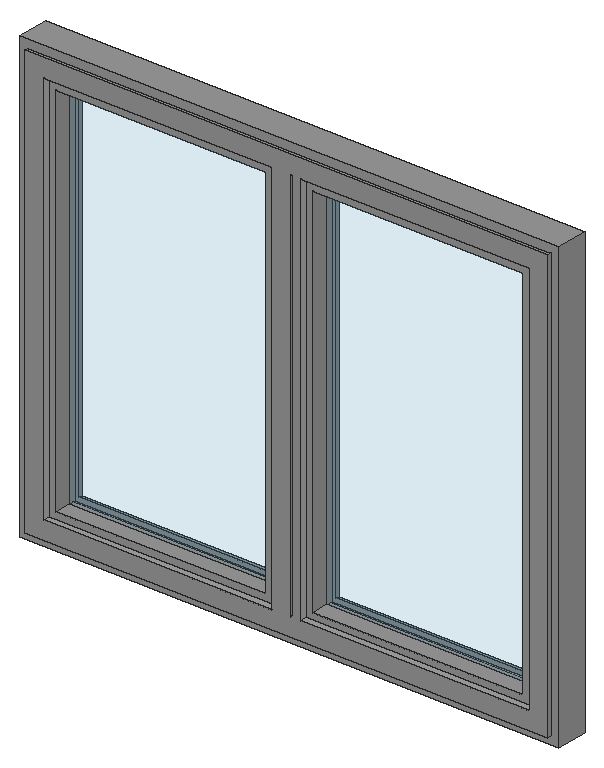
Revit family "Kawneer_Window_GT70s_Pos005", category Windows, host Wall, Revit 2020
Family settings
  Host = Wall
  OmniClass Number = 23.30.20.00
  OmniClass Title = Windows
  Always vertical = Yes
  Cut with Voids When Loaded = No
  Shared = No
  Room Calculation Point = No
Parameters (values of type "1200mm(w)x1000mm(h)")
  _ObjectUserGuide = "www.bimstore.co.uk"
  _DistributedBy = "www.bimstore.co.uk"
  _CurrentRevision = 1
  _CreatedBy = "https://www.bimstore.co/"
  _BimSpecGuid = 0
  _BSBibleVersion = 16
  _AuthorizedBy = "bimstore"
  _Author = "BS"
  WarrantyStartDate [instance] = "Please record on commissioning."
  WarrantyGuarantorParts = "kuk.kawneer@arconic.com"
  WarrantyGuarantorLabor = "kuk.kawneer@arconic.com"
  WarrantyDurationUnit = "Years"
  WarrantyDurationParts = "n/a"
  WarrantyDurationLabor = "n/a"
  WarrantyDescription = "Kawneer Lifetime Guarantee"
  WallThickness [instance] = 300 mm
  URL = "https://www.kawneer.com"
  TypeName = Model  # "GT70s - Pos 005"
  Type Comments = "1200mm(w)x1000mm(h)"
  TopPanel = 600 mm
  SpareParts = "n/a"
  Size = Type Comments  # "1200mm(w)x1000mm(h)"
  Shape = "Rectangle"
  SerialNumber [instance] = "Please record on commissioning."
  Rough Width = Width  # 1200 mm
  Rough Height = Height  # 1000 mm
  ReplacementCost = "n/a"
  ReferencedStandard = "n/a"
  ProductionYear = "2022"
  OffsetOutward [instance] = if(ExternalRevealDepth > 0 mm, 0 mm, 0 mm - ExternalRevealDepth)  # 0 mm
  OffsetInward [instance] = if(OffsetOutward = 0 mm, ExternalRevealDepth, 0 mm)  # 30 mm
  NominalLength = Width  # 1200 mm
  NominalHeight = Height  # 1000 mm
  NominalDepth = FrameDepth  # 72 mm
  NBSReference = "45-25-99/310"
  NBSOfficeMasterTag = "n/a"
  NBSObjectName = "Kawneer - Aluminium window units"
  NBSNote = "n/a"
  NBSDescription = "Aluminium window units"
  ModelReference = Type Comments  # "1200mm(w)x1000mm(h)"
  ModelNumber = Model  # "GT70s - Pos 005"
  Model = "GT70s - Pos 005"
  Material = "Aluminium"
  ManufacturerName = "Kawneer UK Limited"
  Manufacturer = "Kawneer UK Limited"
  Keynote = "L10/330"
  JambTolerance = 0 mm
  IronmongeryMaterial [instance] = Aluminum
  InternalRevealThickness = 5 mm
  InternalRevealDepth [instance] = WallThickness - ExternalRevealDepth - FrameDepth  # 198 mm
  InstallationDate [instance] = "Please record on commissioning."
  IfcExportType = "IfcWindowTypeEnum.WINDOW"
  IfcExportAs = "IfcWindow"
  Height = 1000 mm
  HeadTolerance = 0 mm
  HasCill [instance] = no
  Grade = "n/a"
  GlazingThickness = 28 mm  # constant formula
  GlazingMaterial [instance] = Kawneer Glass
  GlassThickness = 6 mm  # constant formula
  GlassOffset_EXT = 7 mm  # constant formula
  FrameWidth = 79 mm  # constant formula
  FrameMaterial [instance] = Aluminum
  Finish = "PPC"
  Features = "n/a"
  ExternalRevealDepth [instance] = 30 mm
  ExpectedLife = 0
  DurationUnit = "Years"
  DocumentationTechnical = "n/a"
  DocumentationMaintenance = "n/a"
  DocumentationLiterature = "https://www.kawneer.com"
  DocumentationInstallationGuide = "n/a"
  DocumentationCertificates = "n/a"
  Description = "Window"
  FrameDepth = 72 mm  # constant formula
  Default Cill Height = 800 mm
  Wall Closure = By host
  Width = 1200 mm
  CreatedOn = "12-09.2022 T09:00:00"
  CreatedBy = "kuk.kawneer@arconic.com"
  Constituents = "n/a"
  Color = "n/a"
  CodePerformance = "n/a"
  ClassificationValue = "Pr_30_59_98_02"
  ClassificationName = "Uniclass2015"
  CillHeight [instance] = if(HasCill, 30 mm, 0 mm)  # 0 mm
  BottomPanel = 600 mm
  BarCode [instance] = "Please record on commissioning."
  BIMObjectName = "Kawneer_Window_GT70s_Pos005"
  AssetType = "Fixed"
  AssetIdentifier [instance] = "n/a"
  Assembly Code = "B2020100"
  AccessibilityPerformance = "n/a"
Reference planes
  plane 1 "Center (Front/Back)": y = 0
  plane 2 "Center (Left/Right)": x = 0
  plane 3 "Left": x = -600
  plane 4 "Right": x = 600
  plane 5 "Sill": z = 800
  plane 6 "Head": z = 1800
  plane 7 "Exterior": y = 150
  plane 8 "Interior": y = -150
  plane 9 "Front": y = 120
  plane 10 "Frame Rear": y = 48
  plane 11 "Base": z = 800
  plane 12 "Offset Inward": y = 120
  plane 13: x = -595
  plane 14: x = 595
  plane 15 "7": z = 1795
  plane 16 "Int Wrap": y = 48
  plane 17 "CL": z = 1300
  plane 18 "JAMB TOL A": x = -600
  plane 19 "JAMB TOL B": x = 600
  plane 20 "HEAD TOL": z = 1800
  plane 21 "HEAD TOL E": z = 1721
  plane 22 "HEAD TOL F": z = 879
  plane 23 "Handle Int": y = 48
Forms (mm)
  Extrusion 1, void
    sketch origin (0, 0, 0) x (1, 0, 0) y (0, 1, 0)
      loop
        line (-595, 48) -> (-595, -150) -> (595, -150) -> (595, 48) -> (-595, 48)
    from 800 to 1795
  Extrusion 2, void
    sketch origin (0, 0, 0) x (1, 0, 0) y (0, 1, 0)
      loop
        line (-600, 150) -> (-600, 48) -> (600, 48) -> (600, 150) -> (-600, 150)
    from 800 to 1800
Lines and regions (mm)
  Masking region 1
    outline origin (-600, 0, 0) x (0, -1, 0) y (0, 0, 1)
      loop
        line (150, 1800) -> (-48, 1800) -> (-48, 1795) -> (150, 1795) -> (150, 1800)
Text (mm)
  text "EXTERIOR" at (-1963.203, 1332.353, 0), in view "Ref. Level"
  text "INTERIOR" at (-1981.466, -818.386, 0), in view "Ref. Level"
  text "Exterior" at (0, 923.751, 2943.296), in view "Right"
  text "Exterior" at (0, 1040.484, 2685.409), in view "Left"
Dimensions and locks
  equal spacing: plane 3 "Left", plane 2 "Center (Left/Right)", plane 4 "Right"
  "Width": plane 3 "Left" to plane 4 "Right"
  "Height": plane 5 "Sill" to plane 6 "Head"
  "Default Cill Height": plane 5 "Sill" to level
  locked: plane 7 "Exterior" to host wall
  locked: plane 8 "Interior" to host wall
  "FrameDepth": plane 9 "Front" to plane 10 "Frame Rear"
  "OffsetInward": plane 12 "Offset Inward" to plane 7 "Exterior"
  "OffsetOutward": plane 9 "Front" to plane 12 "Offset Inward"
  "InternalRevealThickness": plane 3 "Left" to plane 13
  "InternalRevealThickness": plane 14 to plane 4 "Right"
  "InternalRevealThickness": plane 6 "Head" to plane 15 "7"
  "InternalRevealDepth": plane 8 "Interior" to plane 16 "Int Wrap"
  "WallThickness": host wall to host wall
  equal spacing: plane 5 "Sill", plane 17 "CL", plane 6 "Head"
  "JambTolerance": plane 19 "JAMB TOL B" to plane 4 "Right"
  "JambTolerance": plane 3 "Left" to plane 18 "JAMB TOL A"
  "HeadTolerance": plane 20 "HEAD TOL" to plane 6 "Head"
  "FrameWidth": plane 21 "HEAD TOL E" to plane 20 "HEAD TOL"
  "FrameWidth": plane 11 "Base" to plane 22 "HEAD TOL F"
  "CillHeight": plane 5 "Sill" to plane 11 "Base"
  locked: plane 9 "Front" to plane 23 "Handle Int" at 72
  aligned and locked: Extrusion 1 sketch curve to plane 16 "Int Wrap"
  aligned and locked: Extrusion 1 sketch curve to plane 13
  aligned and locked: Extrusion 1 sketch curve to plane 14
  aligned and locked: Extrusion 1 sketch curve to plane 8 "Interior"
  aligned and locked: Extrusion 1 to plane 15 "7"
  aligned and locked: plane 5 "Sill" to Extrusion 1
  aligned and locked: Extrusion 2 sketch curve to plane 3 "Left"
  aligned and locked: plane 4 "Right" to Extrusion 2 sketch curve
  aligned and locked: plane 16 "Int Wrap" to Extrusion 2 sketch curve
  aligned and locked: Extrusion 2 to plane 6 "Head"
  aligned and locked: plane 5 "Sill" to Extrusion 2
  aligned and locked: plane 7 "Exterior" to Extrusion 2 sketch curve
  aligned and locked: plane 16 "Int Wrap" to Masking region 1 sketch curve
  aligned and locked: plane 15 "7" to Masking region 1 sketch curve
  aligned and locked: Masking region 1 sketch curve to plane 6 "Head"
  aligned and locked: host wall to Masking region 1 sketch curve
  aligned and locked: nested 1 to plane 20 "HEAD TOL"
  aligned and locked: nested 1 to plane 11 "Base"
  aligned and locked: nested 1 to plane 19 "JAMB TOL B"
  aligned and locked: plane 18 "JAMB TOL A" to nested 1
  aligned and locked: plane 9 "Front" to nested 1
Nested families
  nested 1: "Kawneer_GT70s_Pos005" at (600, 120, 1300) x (-1, 0, 0) z (0, 0, 1), FrameMaterial <- "FrameMaterial", GlassMaterial <- "GlazingMaterial", type "Kawneer_GT70s_Pos005"
    with Width 1200 mm, Height 1000 mm, GlassMaterial Kawneer Glass, FrameMaterial Aluminum
Definition of nested family "Kawneer_GT70s_Pos005"
  Parameters (values of type "Kawneer_GT70s_Pos005")
    Width [instance] = 1200 mm
    TopPanel = 600 mm
    Offset = 0 mm
    Height [instance] = 1000 mm
    GlassMaterial [instance] = none
    GPane = 6 mm
    FrameMaterial [instance] = none
    Default Elevation = 0 mm
    BottomPanel = 600 mm
  Reference planes
    plane 1 "Center (Front/Back)": y = 0
    plane 2: z = 0
    plane 3 "Center (Left/Right)": x = 0
    plane 4 "Frame Front": y = 0
    plane 5 "Frame": y = 72
    plane 6: x = 1200
    plane 7: z = 500
    plane 8: z = -500
    plane 9 "Glass Front": y = 7
    plane 10: y = 13
    plane 11: y = 29
    plane 12: y = 35
    plane 13 "CL": x = 600
    plane 14: x = 69
    plane 15: x = 1131
    plane 16: z = 431
    plane 17: z = -431
    plane 18: x = 557.5
    plane 19: x = 642.5
    plane 20: x = 313.25
  Forms (mm)
    Extrusion 1, solid, material <- "GlassMaterial"
      sketch origin (0, 0, 0) x (1, 0, 0) y (0, 1, 0)
        loop
          line (69, 35) -> (69, 29) -> (557.5, 29) -> (557.5, 35) -> (69, 35)
        loop
          line (1131, 29) -> (1131, 35) -> (642.5, 35) -> (642.5, 29) -> (1131, 29)
        loop
          line (69, 13) -> (69, 7) -> (557.5, 7) -> (557.5, 13) -> (69, 13)
        loop
          line (1131, 7) -> (1131, 13) -> (642.5, 13) -> (642.5, 7) -> (1131, 7)
      from -431 to 431
    Sweep 2, solid, material <- "FrameMaterial"
      path origin (0, 0, 0) x (-1, 0, 0) y (0, 0, 1)
        loop
          line (-1200, 500) -> (-1200, -500) -> (0, -500) -> (0, 500) -> (-1200, 500)
      profile "Kawneer_GT70s_JambFixed_Profile : Kawneer_GT70s_JambFixed_Profile" origin (1200, 0, 0) x (-1, 0, 0) y (0, 1, 0)
        loop
          line (0, 72) -> (0, 0) -> (39, 0) -> (39, 4) -> (24, 4) -> (24, 72) -> (0, 72)
    Sweep 3, solid, material <- "FrameMaterial"
      path origin (0, 7, 0) x (-1, 0, 0) y (0, 0, 1)
        loop
          line (-1131, 431) -> (-1131, -431) -> (-642.5, -431) -> (-642.5, 431) -> (-1131, 431)
      profile "Kawneer_GT70s_OpenVent_Profile : Kawneer_GT70s_OpenVent_Profile" origin (1131, 7, 0) x (-1, 0, 0) y (0, 1, 0)
        loop
          line (-51, 65) -> (-45, 65) -> (-45, -2.3) -> (-18, -2.3) -> (-18, -7) -> (10, -7) -> (10, 0) -> (0, 0) -> (0, 28) -> (10, 28) -> (10, 65) -> (-5, 65) -> (-10.602, 73) -> (-51, 73) -> (-51, 65)
    Sweep 4, solid, material <- "FrameMaterial"
      path origin (0, 7, 0) x (-1, 0, 0) y (0, 0, 1)
        loop
          line (-600, 431) -> (-69, 431) -> (-69, -431) -> (-600, -431)
      profile "Kawneer_GT70s_OpenVent_Profile : Kawneer_GT70s_OpenVent_Profile" origin (69, 7, 0) x (-1, 0, 0) y (0, 1, 0)
        loop
          line (51, 65) -> (51, 73) -> (10.602, 73) -> (5, 65) -> (-10, 65) -> (-10, 28) -> (0, 28) -> (0, 0) -> (-10, 0) -> (-10, -7) -> (18, -7) -> (18, -2.3) -> (45, -2.3) -> (45, 65) -> (51, 65)
    Sweep 5, solid, material <- "FrameMaterial"
      path origin (0, 7, 0) x (-1, 0, 0) y (0, 0, 1)
        loop
          line (-557.5, 449) -> (-557.5, -449)
      profile "Kawneer_GT70s_OpenVent5_Profile : Kawneer_GT70s_OpenVent5_Profile" origin (557.5, 7, 0) x (-1, 0, 0) y (0, 1, 0)
        loop
          line (-29, 65) -> (-40, 65) -> (-40, -2.3) -> (-62, -2.3) -> (-62, -7) -> (10, -7) -> (10, 0) -> (0, 0) -> (0, 28) -> (10, 28) -> (10, 65) -> (-5, 65) -> (-10.602, 73) -> (-29, 73) -> (-29, 65)
  Cuts and joins
    joined: Sweep 3, Sweep 4, Sweep 5
  Lines and regions (mm)
    symbolic lines
      curve 1: line (548.717, 7, 422.269) -> (79, 7, 0)
      curve 2: line (79, 7, 0) -> (548.45, 7, -421)
      curve 3: line (651.55, 7, 421.95) -> (1121, 7, 0)
      curve 4: line (1121, 7, 0) -> (651.55, 7, -421)
  Dimensions and locks
    equal spacing: plane 7, level, plane 8
    "Height": plane 7 to plane 8
    "Width": plane 6 to plane 3 "Center (Left/Right)"
    locked: plane 5 "Frame" to plane 4 "Frame Front" at 72
    "Offset": plane 4 "Frame Front" to plane 1 "Center (Front/Back)"
    equal spacing: plane 6, plane 13 "CL", plane 3 "Center (Left/Right)"
    locked: plane 9 "Glass Front" to plane 4 "Frame Front" at 7
    locked: plane 12 to plane 9 "Glass Front" at 28
    "GPane": plane 12 to plane 11
    "GPane": plane 10 to plane 9 "Glass Front"
    locked: plane 14 to plane 3 "Center (Left/Right)" at 69
    locked: plane 6 to plane 15 at 69
    locked: plane 7 to plane 16 at 69
    locked: plane 17 to plane 8 at 69
    locked: plane 13 "CL" to plane 18 at 42.5
    locked: plane 19 to plane 13 "CL" at 42.5
    equal spacing: plane 18, plane 20, plane 14
    aligned and locked: level to plane 2
    aligned and locked: Extrusion 1 sketch curve to plane 12
    aligned and locked: plane 11 to Extrusion 1 sketch curve
    aligned and locked: Extrusion 1 sketch curve to plane 10
    aligned and locked: plane 9 "Glass Front" to Extrusion 1 sketch curve
    aligned and locked: plane 14 to Extrusion 1 sketch curve  (x2)
    aligned and locked: Extrusion 1 sketch curve to plane 15  (x2)
    aligned and locked: plane 6 to Sweep 2 sketch curve
    aligned and locked: plane 8 to Sweep 2 sketch curve
    aligned and locked: plane 7 to Sweep 2 sketch curve
    aligned and locked: plane 3 "Center (Left/Right)" to Sweep 2 sketch curve
    aligned and locked: plane 16 to Extrusion 1
    aligned and locked: Extrusion 1 to plane 17
    aligned and locked: Extrusion 1 sketch curve to plane 18  (x2)
    aligned and locked: Extrusion 1 sketch curve to plane 19  (x2)
    aligned and locked: plane 15 to Sweep 3 sketch curve
    aligned and locked: plane 17 to Sweep 3 sketch curve
    aligned and locked: plane 19 to Sweep 3 sketch curve
    aligned and locked: plane 16 to Sweep 3 sketch curve
    aligned and locked: plane 14 to Sweep 4 sketch curve
    aligned and locked: plane 16 to Sweep 4 sketch curve
    aligned and locked: plane 17 to Sweep 4 sketch curve
    aligned and locked: plane 4 "Frame Front" to nested 1
    aligned and locked: plane 6 to nested 1
    aligned and locked: plane 13 "CL" to nested 2
    aligned and locked: nested 2 to plane 4 "Frame Front"
    aligned and locked: Sweep 4 to Sweep 5 sketch curve  (x2)
    aligned and locked: plane 3 "Center (Left/Right)" to nested 3
    aligned and locked: nested 3 to plane 4 "Frame Front"
    aligned and locked: plane 13 "CL" to Sweep 4 sketch curve  (x2)
    aligned and locked: nested 4 to plane 8
    aligned and locked: nested 4 to plane 4 "Frame Front"
    aligned and locked: nested 5 to plane 7
    aligned and locked: plane 4 "Frame Front" to nested 5
  Automatic sketch dimensions
    Extrusion 1 sketch curve to plane 11 = 0 mm
    Extrusion 1 sketch curve to plane 12 = 0 mm
    Extrusion 1 sketch curve to plane 10 = 0 mm
    Extrusion 1 sketch curve to plane 9 "Glass Front" = 0 mm
    curve 3 to level = 0 mm
    curve 1 to level = 0 mm
    curve 4 to plane 15 = 10 mm
    plane 14 to curve 1 = 10 mm
    curve 2 to plane 18 = 9.05 mm
    plane 19 to curve 4 = 9.05 mm
    plane 19 to curve 3 = 9.05 mm
    plane 17 to curve 4 = 10 mm
    plane 17 to curve 2 = 10 mm
    curve 3 to plane 16 = 9.05 mm
    curve 1 to plane 16 = 8.731 mm
    Sweep 5 sketch curve to plane 18 = 0 mm
    curve 1 to plane 18 = 8.783 mm
  Nested families
    nested 1: "Kawneer_GT70s_Jamb" at (1200, 72, 0), type "Jamb Open"
      with Open yes
    nested 2: "Kawneer_GT70s_Mull5" at (600, 72, 0), type "Jamb Open"
      with Open yes
    nested 3: "Kawneer_GT70s_Jamb" at (0, 72, 0) x (-1, 0, 0) z (0, 0, 1), type "Jamb Open"
      with Open yes
    nested 4: "Kawneer_GT70s_Jamb" at (0, 72, -500) x (0, 0, -1) z (1, 0, 0), type "Jamb Open"
      with Open yes
    nested 5: "Kawneer_GT70s_Jamb" at (0, 72, 500) x (0, 0, 1) z (1, 0, 0), type "Jamb Open"
      with Open yes
  Definition of nested family "Kawneer_GT70s_Jamb"
    Parameters (values of type "Jamb Open")
      Open [instance] = yes
    Reference planes
      plane 1 "Center (Front/Back)": y = 0
      plane 2: z = 0
      plane 3 "Center (Left/Right)": x = 0
      plane 4: x = -79
      plane 5: x = -69
      plane 6: y = -37
      plane 7: y = -65
      plane 8: y = -72
    Lines and regions (mm)
      model lines, in view "Ref. Level", detail levels fine
        curve 1: arc (-15.5, -1.4, 0) -> (-15.641, -1.459, 0) -> (-15.7, -1.6, 0) r 0.2
        curve 2: arc (-15.7, -1.6, 0) -> (-15.759, -1.741, 0) -> (-15.9, -1.8, 0) r 0.2
        curve 3: arc (-17, -1.8, 0) -> (-17.141, -1.859, 0) -> (-17.2, -2, 0) r 0.2
        curve 4: arc (-17.2, -3.013, 0) -> (-17.259, -3.154, 0) -> (-17.4, -3.213, 0) r 0.2
        curve 5: arc (-17.4, -3.213, 0) -> (-17.541, -3.271, 0) -> (-17.6, -3.413, 0) r 0.2
        curve 6: arc (-17.6, -15.2, 0) -> (-17.541, -15.341, 0) -> (-17.4, -15.4, 0) r 0.2
        curve 7: arc (-17.4, -15.4, 0) -> (-17.259, -15.459, 0) -> (-17.2, -15.6, 0) r 0.2
        curve 8: arc (-17.2, -16.5, 0) -> (-17.141, -16.641, 0) -> (-17, -16.7, 0) r 0.2
        curve 9: arc (-16.273, -16.7, 0) -> (-16.173, -16.727, 0) -> (-16.1, -16.8, 0) r 0.2
        curve 10: arc (-16.1, -16.8, 0) -> (-16.027, -16.873, 0) -> (-15.927, -16.9, 0) r 0.2
        curve 11: arc (-8.073, -16.9, 0) -> (-7.973, -16.873, 0) -> (-7.9, -16.8, 0) r 0.2
        curve 12: arc (-7.9, -16.8, 0) -> (-7.827, -16.727, 0) -> (-7.727, -16.7, 0) r 0.2
        curve 13: arc (-7, -16.7, 0) -> (-6.859, -16.641, 0) -> (-6.8, -16.5, 0) r 0.2
        curve 14: arc (-6.8, -15.6, 0) -> (-6.741, -15.459, 0) -> (-6.6, -15.4, 0) r 0.2
        curve 15: arc (-6.6, -15.4, 0) -> (-6.459, -15.341, 0) -> (-6.4, -15.2, 0) r 0.2
        curve 16: arc (-6.4, -3.413, 0) -> (-6.459, -3.271, 0) -> (-6.6, -3.213, 0) r 0.2
        curve 17: arc (-6.6, -3.213, 0) -> (-6.741, -3.154, 0) -> (-6.8, -3.013, 0) r 0.2
        curve 18: arc (-6.8, -2, 0) -> (-6.859, -1.859, 0) -> (-7, -1.8, 0) r 0.2
        curve 19: arc (-8.1, -1.8, 0) -> (-8.241, -1.741, 0) -> (-8.3, -1.6, 0) r 0.2
        curve 20: arc (-8.3, -1.6, 0) -> (-8.359, -1.459, 0) -> (-8.5, -1.4, 0) r 0.2
        curve 21: arc (-0.5, 0, 0) -> (-0.146, -0.146, 0) -> (0, -0.5, 0) r 0.5
        curve 22: arc (0, -2.342, 0) -> (-0.333, -3.447, 0) -> (-1.222, -4.184, 0) r 2
        curve 23: arc (-1.222, -4.184, 0) -> (-1.411, -4.167, 0) -> (-1.5, -4, 0) r 0.2
        curve 24: arc (-1.5, -2.3, 0) -> (-1.646, -1.946, 0) -> (-2, -1.8, 0) r 0.5
        curve 25: arc (-4.5, -1.8, 0) -> (-4.854, -1.946, 0) -> (-5, -2.3, 0) r 0.5
        curve 26: arc (-5, -15.8, 0) -> (-4.854, -16.154, 0) -> (-4.5, -16.3, 0) r 0.5
        curve 27: arc (-2, -16.3, 0) -> (-1.646, -16.154, 0) -> (-1.5, -15.8, 0) r 0.5
        curve 28: arc (-1.5, -14.4, 0) -> (-1.406, -14.23, 0) -> (-1.212, -14.22, 0) r 0.2
        curve 29: arc (-1.212, -14.22, 0) -> (-0.474, -14.884, 0) -> (-0.2, -15.839, 0) r 1.8
        curve 30: arc (-0.2, -18.6, 0) -> (-0.493, -19.307, 0) -> (-1.2, -19.6, 0) r 1
        curve 31: arc (-1.3, -19.6, 0) -> (-1.441, -19.541, 0) -> (-1.5, -19.4, 0) r 0.2
        curve 32: arc (-1.5, -18.2, 0) -> (-1.559, -18.059, 0) -> (-1.7, -18, 0) r 0.2
        curve 33: arc (-4.3, -18, 0) -> (-4.795, -18.205, 0) -> (-5, -18.7, 0) r 0.7
        curve 34: arc (-5, -21.367, 0) -> (-5.15, -21.627, 0) -> (-5.45, -21.627, 0) r 0.3
        curve 35: arc (-7.18, -20.628, 0) -> (-7.288, -20.366, 0) -> (-7.027, -20.258, 0) r 0.2
        curve 36: arc (-6.413, -18.777, 0) -> (-6.432, -18.589, 0) -> (-6.598, -18.5, 0) r 0.2
        curve 37: arc (-10.2, -18.5, 0) -> (-10.341, -18.559, 0) -> (-10.4, -18.7, 0) r 0.2
        curve 38: arc (-9.614, -20.602, 0) -> (-9.384, -20.785, 0) -> (-9.584, -21, 0) r 0.2
        curve 39: arc (-9.961, -21, 0) -> (-10.754, -20.893, 0) -> (-11.49, -20.581, 0) r 3
        curve 40: arc (-11.49, -20.581, 0) -> (-12, -20.441, 0) -> (-12.51, -20.581, 0) r 1
        curve 41: arc (-12.51, -20.581, 0) -> (-13.246, -20.893, 0) -> (-14.039, -21, 0) r 3
        curve 42: arc (-14.416, -21, 0) -> (-14.615, -20.782, 0) -> (-14.381, -20.603, 0) r 0.2
        curve 43: arc (-13.6, -18.7, 0) -> (-13.659, -18.559, 0) -> (-13.8, -18.5, 0) r 0.2
        curve 44: arc (-17.402, -18.5, 0) -> (-17.568, -18.589, 0) -> (-17.587, -18.777, 0) r 0.2
        curve 45: arc (-16.973, -20.258, 0) -> (-16.712, -20.366, 0) -> (-16.82, -20.628, 0) r 0.2
        curve 46: arc (-18.55, -21.627, 0) -> (-18.85, -21.627, 0) -> (-19, -21.367, 0) r 0.3
        curve 47: arc (-19, -18.7, 0) -> (-19.205, -18.205, 0) -> (-19.7, -18, 0) r 0.7
        curve 48: arc (-22.3, -18, 0) -> (-22.441, -18.059, 0) -> (-22.5, -18.2, 0) r 0.2
        curve 49: arc (-22.5, -19.4, 0) -> (-22.559, -19.541, 0) -> (-22.7, -19.6, 0) r 0.2
        curve 50: arc (-22.8, -19.6, 0) -> (-23.507, -19.307, 0) -> (-23.8, -18.6, 0) r 1
        curve 51: arc (-23.8, -15.839, 0) -> (-23.526, -14.884, 0) -> (-22.788, -14.22, 0) r 1.8
        curve 52: arc (-22.788, -14.22, 0) -> (-22.594, -14.23, 0) -> (-22.5, -14.4, 0) r 0.2
        curve 53: arc (-22.5, -15.8, 0) -> (-22.354, -16.154, 0) -> (-22, -16.3, 0) r 0.5
        curve 54: arc (-19.5, -16.3, 0) -> (-19.146, -16.154, 0) -> (-19, -15.8, 0) r 0.5
        curve 55: arc (-19, -2.3, 0) -> (-19.146, -1.946, 0) -> (-19.5, -1.8, 0) r 0.5
        curve 56: arc (-22, -1.8, 0) -> (-22.354, -1.946, 0) -> (-22.5, -2.3, 0) r 0.5
        curve 57: arc (-22.5, -4, 0) -> (-22.589, -4.167, 0) -> (-22.778, -4.184, 0) r 0.2
        curve 58: arc (-22.778, -4.184, 0) -> (-23.667, -3.447, 0) -> (-24, -2.342, 0) r 2
        curve 59: arc (-24, -0.5, 0) -> (-23.854, -0.146, 0) -> (-23.5, 0, 0) r 0.5
        curve 60: arc (-15.25, -35.5, 0) -> (-15.674, -35.324, 0) -> (-15.85, -34.9, 0) r 0.6
        curve 61: arc (-15.85, -34.9, 0) -> (-15.674, -34.476, 0) -> (-15.25, -34.3, 0) r 0.6
        curve 62: arc (-6.964, -34.3, 0) -> (-6.608, -34.151, 0) -> (-6.464, -33.794, 0) r 0.5
        curve 63: arc (-6.464, -33.794, 0) -> (-6.545, -30.287, 0) -> (-6.697, -26.783, 0) r 172.05
        curve 64: arc (-6.697, -26.783, 0) -> (-6.905, -25.843, 0) -> (-7.395, -25.015, 0) r 3.049
        curve 65: arc (-8.779, -23.365, 0) -> (-9.328, -22.473, 0) -> (-9.481, -21.437, 0) r 2.599
        curve 66: arc (-9.481, -20.971, 0) -> (-9.498, -20.844, 0) -> (-9.548, -20.726, 0) r 0.5
        curve 67: arc (-10.4, -18.7, 0) -> (-10.341, -18.559, 0) -> (-10.2, -18.5, 0) r 0.2
        curve 68: arc (-9.179, -18.5, 0) -> (-8.92, -18.65, 0) -> (-8.92, -18.95, 0) r 0.3
        curve 69: arc (-8.92, -18.95, 0) -> (-8.4, -19.85, 0) -> (-7.88, -18.95, 0) r 0.6
        curve 70: arc (-7.88, -18.95, 0) -> (-7.88, -18.65, 0) -> (-7.621, -18.5, 0) r 0.3
        curve 71: arc (-6.8, -18.5, 0) -> (-6.659, -18.559, 0) -> (-6.6, -18.7, 0) r 0.2
        curve 72: arc (-7.103, -20.871, 0) -> (-6.886, -21.58, 0) -> (-6.355, -22.099, 0) r 1.5
        curve 73: arc (-5.55, -22.564, 0) -> (-5.184, -22.93, 0) -> (-5.05, -23.43, 0) r 1
        curve 74: arc (-5.05, -48.57, 0) -> (-5.184, -49.07, 0) -> (-5.55, -49.436, 0) r 1
        curve 75: arc (-6.355, -49.901, 0) -> (-6.886, -50.42, 0) -> (-7.103, -51.129, 0) r 1.5
        curve 76: arc (-6.6, -53.3, 0) -> (-6.659, -53.441, 0) -> (-6.8, -53.5, 0) r 0.2
        curve 77: arc (-7.621, -53.5, 0) -> (-7.88, -53.35, 0) -> (-7.88, -53.05, 0) r 0.3
        curve 78: arc (-7.88, -53.05, 0) -> (-8.4, -52.15, 0) -> (-8.92, -53.05, 0) r 0.6
        curve 79: arc (-8.92, -53.05, 0) -> (-8.92, -53.35, 0) -> (-9.179, -53.5, 0) r 0.3
        curve 80: arc (-10.2, -53.5, 0) -> (-10.341, -53.441, 0) -> (-10.4, -53.3, 0) r 0.2
        curve 81: arc (-9.548, -51.274, 0) -> (-9.498, -51.153, 0) -> (-9.481, -51.024, 0) r 0.5
        curve 82: arc (-9.481, -50.566, 0) -> (-9.301, -49.539, 0) -> (-8.78, -48.636, 0) r 2.996
        curve 83: arc (-7.395, -46.986, 0) -> (-6.902, -46.158, 0) -> (-6.697, -45.216, 0) r 3.002
        curve 84: arc (-6.697, -45.216, 0) -> (-6.512, -40.61, 0) -> (-6.45, -36, 0) r 172.47
        curve 85: arc (-6.45, -36, 0) -> (-6.596, -35.646, 0) -> (-6.95, -35.5, 0) r 0.5
        curve 86: arc (-8.15, -36.5, 0) -> (-7.726, -36.676, 0) -> (-7.55, -37.1, 0) r 0.6
        curve 87: arc (-7.55, -37.1, 0) -> (-7.726, -37.524, 0) -> (-8.15, -37.7, 0) r 0.6
        curve 88: arc (-17.036, -37.7, 0) -> (-17.392, -37.849, 0) -> (-17.536, -38.206, 0) r 0.5
        curve 89: arc (-17.536, -38.206, 0) -> (-17.455, -41.713, 0) -> (-17.303, -45.217, 0) r 172.05
        curve 90: arc (-17.303, -45.217, 0) -> (-17.095, -46.157, 0) -> (-16.605, -46.985, 0) r 3.049
        curve 91: arc (-15.221, -48.635, 0) -> (-14.672, -49.527, 0) -> (-14.519, -50.563, 0) r 2.599
        curve 92: arc (-14.519, -51.029, 0) -> (-14.502, -51.156, 0) -> (-14.452, -51.274, 0) r 0.5
        curve 93: arc (-13.6, -53.3, 0) -> (-13.659, -53.441, 0) -> (-13.8, -53.5, 0) r 0.2
        curve 94: arc (-14.821, -53.5, 0) -> (-15.08, -53.35, 0) -> (-15.08, -53.05, 0) r 0.3
        curve 95: arc (-15.08, -53.05, 0) -> (-15.6, -52.15, 0) -> (-16.12, -53.05, 0) r 0.6
        curve 96: arc (-16.12, -53.05, 0) -> (-16.12, -53.35, 0) -> (-16.379, -53.5, 0) r 0.3
        curve 97: arc (-17.2, -53.5, 0) -> (-17.341, -53.441, 0) -> (-17.4, -53.3, 0) r 0.2
        curve 98: arc (-16.897, -51.129, 0) -> (-17.114, -50.42, 0) -> (-17.645, -49.901, 0) r 1.5
        curve 99: arc (-18.45, -49.436, 0) -> (-18.816, -49.07, 0) -> (-18.95, -48.57, 0) r 1
        curve 100: arc (-18.95, -46.5, 0) -> (-19.093, -46.143, 0) -> (-19.45, -46, 0) r 0.49
        curve 101: arc (-22.15, -46, 0) -> (-22.362, -46.088, 0) -> (-22.45, -46.3, 0) r 0.3
        curve 102: arc (-22.45, -46.9, 0) -> (-22.596, -47.254, 0) -> (-22.95, -47.4, 0) r 0.5
        curve 103: arc (-22.95, -47.4, 0) -> (-23.304, -47.254, 0) -> (-23.45, -46.9, 0) r 0.5
        curve 104: arc (-23.45, -43.9, 0) -> (-23.303, -43.547, 0) -> (-22.95, -43.4, 0) r 0.502
        curve 105: arc (-22.95, -43.4, 0) -> (-22.596, -43.546, 0) -> (-22.45, -43.9, 0) r 0.5
        curve 106: arc (-22.45, -44.5, 0) -> (-22.362, -44.712, 0) -> (-22.15, -44.8, 0) r 0.3
        curve 107: arc (-19.45, -44.8, 0) -> (-19.096, -44.654, 0) -> (-18.95, -44.3, 0) r 0.5
        curve 108: arc (-18.95, -23.43, 0) -> (-18.816, -22.93, 0) -> (-18.45, -22.564, 0) r 1
        curve 109: arc (-17.645, -22.099, 0) -> (-17.114, -21.58, 0) -> (-16.897, -20.871, 0) r 1.5
        curve 110: arc (-17.4, -18.7, 0) -> (-17.341, -18.559, 0) -> (-17.2, -18.5, 0) r 0.2
        curve 111: arc (-16.379, -18.5, 0) -> (-16.12, -18.65, 0) -> (-16.12, -18.95, 0) r 0.3
        curve 112: arc (-16.12, -18.95, 0) -> (-15.6, -19.85, 0) -> (-15.08, -18.95, 0) r 0.6
        curve 113: arc (-15.08, -18.95, 0) -> (-15.08, -18.65, 0) -> (-14.821, -18.5, 0) r 0.3
        curve 114: arc (-13.8, -18.5, 0) -> (-13.659, -18.559, 0) -> (-13.6, -18.7, 0) r 0.2
        curve 115: arc (-14.452, -20.726, 0) -> (-14.502, -20.844, 0) -> (-14.519, -20.971, 0) r 0.5
        curve 116: arc (-14.519, -21.437, 0) -> (-14.7, -22.462, 0) -> (-15.22, -23.364, 0) r 2.996
        curve 117: arc (-16.605, -25.014, 0) -> (-17.098, -25.842, 0) -> (-17.303, -26.784, 0) r 3.002
        curve 118: arc (-17.303, -26.784, 0) -> (-17.488, -31.39, 0) -> (-17.55, -36, 0) r 172.47
        curve 119: arc (-17.55, -36, 0) -> (-17.404, -36.354, 0) -> (-17.05, -36.5, 0) r 0.5
        curve 120: arc (-8.5, -70.6, 0) -> (-8.359, -70.541, 0) -> (-8.3, -70.4, 0) r 0.2
        curve 121: arc (-8.3, -70.4, 0) -> (-8.241, -70.259, 0) -> (-8.1, -70.2, 0) r 0.2
        curve 122: arc (-7, -70.2, 0) -> (-6.859, -70.141, 0) -> (-6.8, -70, 0) r 0.2
        curve 123: arc (-6.8, -68.9, 0) -> (-6.741, -68.759, 0) -> (-6.6, -68.7, 0) r 0.2
        curve 124: arc (-6.6, -68.7, 0) -> (-6.459, -68.641, 0) -> (-6.4, -68.5, 0) r 0.2
        curve 125: arc (-6.4, -57, 0) -> (-6.459, -56.859, 0) -> (-6.6, -56.8, 0) r 0.2
        curve 126: arc (-6.6, -56.8, 0) -> (-6.741, -56.741, 0) -> (-6.8, -56.6, 0) r 0.2
        curve 127: arc (-6.8, -55.5, 0) -> (-6.859, -55.359, 0) -> (-7, -55.3, 0) r 0.2
        curve 128: arc (-8.1, -55.3, 0) -> (-8.2, -55.273, 0) -> (-8.273, -55.2, 0) r 0.2
        curve 129: arc (-8.273, -55.2, 0) -> (-8.346, -55.127, 0) -> (-8.446, -55.1, 0) r 0.2
        curve 130: arc (-15.554, -55.1, 0) -> (-15.654, -55.127, 0) -> (-15.727, -55.2, 0) r 0.2
        curve 131: arc (-15.727, -55.2, 0) -> (-15.8, -55.273, 0) -> (-15.9, -55.3, 0) r 0.2
        curve 132: arc (-17, -55.3, 0) -> (-17.141, -55.359, 0) -> (-17.2, -55.5, 0) r 0.2
        curve 133: arc (-17.2, -56.6, 0) -> (-17.259, -56.741, 0) -> (-17.4, -56.8, 0) r 0.2
        curve 134: arc (-17.4, -56.8, 0) -> (-17.541, -56.859, 0) -> (-17.6, -57, 0) r 0.2
        curve 135: arc (-17.6, -68.5, 0) -> (-17.541, -68.641, 0) -> (-17.4, -68.7, 0) r 0.2
        curve 136: arc (-17.4, -68.7, 0) -> (-17.259, -68.759, 0) -> (-17.2, -68.9, 0) r 0.2
        curve 137: arc (-17.2, -70, 0) -> (-17.141, -70.141, 0) -> (-17, -70.2, 0) r 0.2
        curve 138: arc (-15.9, -70.2, 0) -> (-15.759, -70.259, 0) -> (-15.7, -70.4, 0) r 0.2
        curve 139: arc (-15.7, -70.4, 0) -> (-15.641, -70.541, 0) -> (-15.5, -70.6, 0) r 0.2
        curve 140: arc (-38.5, -72, 0) -> (-38.854, -71.854, 0) -> (-39, -71.5, 0) r 0.5
        curve 141: arc (-39, -68.5, 0) -> (-38.854, -68.146, 0) -> (-38.5, -68, 0) r 0.5
        curve 142: arc (-37, -68, 0) -> (-36.646, -68.146, 0) -> (-36.5, -68.5, 0) r 0.5
        curve 143: arc (-36.5, -68.8, 0) -> (-36.559, -68.941, 0) -> (-36.7, -69, 0) r 0.2
        curve 144: arc (-37.3, -69, 0) -> (-37.654, -69.146, 0) -> (-37.8, -69.5, 0) r 0.5
        curve 145: arc (-37.8, -70.1, 0) -> (-37.654, -70.454, 0) -> (-37.3, -70.6, 0) r 0.5
        curve 146: arc (-32.7, -70.6, 0) -> (-32.346, -70.454, 0) -> (-32.2, -70.1, 0) r 0.5
        curve 147: arc (-32.2, -69.5, 0) -> (-32.346, -69.146, 0) -> (-32.7, -69, 0) r 0.5
        curve 148: arc (-33.3, -69, 0) -> (-33.441, -68.941, 0) -> (-33.5, -68.8, 0) r 0.2
        curve 149: arc (-33.5, -68.5, 0) -> (-33.354, -68.146, 0) -> (-33, -68, 0) r 0.5
        curve 150: arc (-29.9, -68, 0) -> (-29.5, -68.4, 0) -> (-29.9, -68.8, 0) r 0.4
        curve 151: arc (-30.8, -68.8, 0) -> (-30.941, -68.859, 0) -> (-31, -69, 0) r 0.2
        curve 152: arc (-31, -69.9, 0) -> (-30.854, -70.254, 0) -> (-30.5, -70.4, 0) r 0.5
        curve 153: arc (-19.489, -70.211, 0) -> (-19.143, -70.061, 0) -> (-19, -69.711, 0) r 0.5
        curve 154: arc (-19, -56.2, 0) -> (-19.146, -55.846, 0) -> (-19.5, -55.7, 0) r 0.5
        curve 155: arc (-22.3, -55.7, 0) -> (-22.441, -55.759, 0) -> (-22.5, -55.9, 0) r 0.2
        curve 156: arc (-22.5, -57.094, 0) -> (-22.559, -57.235, 0) -> (-22.7, -57.294, 0) r 0.2
        curve 157: arc (-22.7, -57.294, 0) -> (-23.266, -57.059, 0) -> (-23.5, -56.494, 0) r 0.8
        curve 158: arc (-23.5, -53.3, 0) -> (-23, -52.8, 0) -> (-22.5, -53.3, 0) r 0.5
        curve 159: arc (-22.5, -53.9, 0) -> (-22.412, -54.112, 0) -> (-22.2, -54.2, 0) r 0.3
        curve 160: arc (-19.7, -54.2, 0) -> (-19.205, -53.995, 0) -> (-19, -53.5, 0) r 0.7
        curve 161: arc (-19, -50.633, 0) -> (-18.85, -50.373, 0) -> (-18.55, -50.373, 0) r 0.3
        curve 162: arc (-16.82, -51.372, 0) -> (-16.712, -51.634, 0) -> (-16.973, -51.742, 0) r 0.2
        curve 163: arc (-17.587, -53.223, 0) -> (-17.568, -53.411, 0) -> (-17.402, -53.5, 0) r 0.2
        curve 164: arc (-13.8, -53.5, 0) -> (-13.659, -53.441, 0) -> (-13.6, -53.3, 0) r 0.2
        curve 165: arc (-14.386, -51.398, 0) -> (-14.616, -51.215, 0) -> (-14.416, -51, 0) r 0.2
        curve 166: arc (-14.039, -51, 0) -> (-13.246, -51.107, 0) -> (-12.51, -51.419, 0) r 3
        curve 167: arc (-12.51, -51.419, 0) -> (-12, -51.559, 0) -> (-11.49, -51.419, 0) r 1
        curve 168: arc (-11.49, -51.419, 0) -> (-10.754, -51.107, 0) -> (-9.961, -51, 0) r 3
        curve 169: arc (-9.584, -51, 0) -> (-9.385, -51.217, 0) -> (-9.618, -51.397, 0) r 0.2
        curve 170: arc (-10.4, -53.3, 0) -> (-10.341, -53.441, 0) -> (-10.2, -53.5, 0) r 0.2
        curve 171: arc (-6.598, -53.5, 0) -> (-6.432, -53.411, 0) -> (-6.413, -53.223, 0) r 0.2
        curve 172: arc (-7.027, -51.742, 0) -> (-7.288, -51.634, 0) -> (-7.18, -51.372, 0) r 0.2
        curve 173: arc (-5.45, -50.373, 0) -> (-5.15, -50.373, 0) -> (-5, -50.633, 0) r 0.3
        curve 174: arc (-5, -53.3, 0) -> (-4.795, -53.795, 0) -> (-4.3, -54, 0) r 0.7
        curve 175: arc (-1.7, -54, 0) -> (-1.559, -53.941, 0) -> (-1.5, -53.8, 0) r 0.2
        curve 176: arc (-1.5, -52.6, 0) -> (-1.441, -52.459, 0) -> (-1.3, -52.4, 0) r 0.2
        curve 177: arc (-1.2, -52.4, 0) -> (-0.493, -52.693, 0) -> (-0.2, -53.4, 0) r 1
        curve 178: arc (-0.2, -56.161, 0) -> (-0.474, -57.116, 0) -> (-1.212, -57.78, 0) r 1.8
        curve 179: arc (-1.212, -57.78, 0) -> (-1.406, -57.77, 0) -> (-1.5, -57.6, 0) r 0.2
        curve 180: arc (-1.5, -56.2, 0) -> (-1.646, -55.846, 0) -> (-2, -55.7, 0) r 0.5
        curve 181: arc (-4.5, -55.7, 0) -> (-4.854, -55.846, 0) -> (-5, -56.2, 0) r 0.5
        curve 182: arc (-5, -69.7, 0) -> (-4.854, -70.054, 0) -> (-4.5, -70.2, 0) r 0.5
        curve 183: arc (-2, -70.2, 0) -> (-1.646, -70.054, 0) -> (-1.5, -69.7, 0) r 0.5
        curve 184: arc (-1.5, -68, 0) -> (-1.411, -67.833, 0) -> (-1.222, -67.816, 0) r 0.2
        curve 185: arc (-1.222, -67.816, 0) -> (-0.333, -68.553, 0) -> (0, -69.658, 0) r 2
        curve 186: arc (0, -71.5, 0) -> (-0.146, -71.854, 0) -> (-0.5, -72, 0) r 0.5
        curve 510: line (-8.5, -1.4, 0) -> (-12, -1.4, 0)
        curve 511: line (-12, -1.4, 0) -> (-15.5, -1.4, 0)
        curve 512: line (-15.9, -1.8, 0) -> (-17, -1.8, 0)
        curve 513: line (-17.2, -2, 0) -> (-17.2, -3.013, 0)
        curve 514: line (-17.6, -3.413, 0) -> (-17.6, -9.306, 0)
        curve 515: line (-17.6, -9.306, 0) -> (-17.6, -15.2, 0)
        curve 516: line (-17.2, -15.6, 0) -> (-17.2, -16.5, 0)
        curve 517: line (-17, -16.7, 0) -> (-16.273, -16.7, 0)
        curve 518: line (-15.927, -16.9, 0) -> (-12, -16.9, 0)
        curve 519: line (-12, -16.9, 0) -> (-8.073, -16.9, 0)
        curve 520: line (-7.727, -16.7, 0) -> (-7, -16.7, 0)
        curve 521: line (-6.8, -16.5, 0) -> (-6.8, -15.6, 0)
        curve 522: line (-6.4, -15.2, 0) -> (-6.4, -9.306, 0)
        curve 523: line (-6.4, -9.306, 0) -> (-6.4, -3.413, 0)
        curve 524: line (-6.8, -3.013, 0) -> (-6.8, -2, 0)
        curve 525: line (-7, -1.8, 0) -> (-8.1, -1.8, 0)
        curve 526: line (-23.5, 0, 0) -> (-0.5, 0, 0)
        curve 527: line (0, -0.5, 0) -> (0, -2.342, 0)
        curve 528: line (-1.5, -4, 0) -> (-1.5, -2.3, 0)
        curve 529: line (-2, -1.8, 0) -> (-4.5, -1.8, 0)
        curve 530: line (-5, -2.3, 0) -> (-5, -15.8, 0)
        curve 531: line (-4.5, -16.3, 0) -> (-2, -16.3, 0)
        curve 532: line (-1.5, -15.8, 0) -> (-1.5, -14.4, 0)
        curve 533: line (-0.2, -15.839, 0) -> (-0.2, -18.6, 0)
        curve 534: line (-1.5, -19.4, 0) -> (-1.5, -18.2, 0)
        curve 535: line (-1.7, -18, 0) -> (-4.3, -18, 0)
        curve 536: line (-5, -18.7, 0) -> (-5, -21.367, 0)
        curve 537: line (-7.027, -20.258, 0) -> (-6.413, -18.777, 0)
        curve 538: line (-6.598, -18.5, 0) -> (-10.2, -18.5, 0)
        curve 539: line (-10.2, -18.5, 0) -> (-9.179, -18.5, 0)
        curve 540: line (-10.4, -18.7, 0) -> (-10.4, -19.24, 0)
        curve 541: line (-10.4, -19.24, 0) -> (-9.614, -20.602, 0)
        curve 542: line (-9.614, -20.602, 0) -> (-10.4, -19.25, 0)
        curve 543: line (-10.4, -19.25, 0) -> (-10.4, -18.7, 0)
        curve 544: line (-9.481, -21.437, 0) -> (-9.584, -21, 0)
        curve 545: line (-9.584, -21, 0) -> (-9.961, -21, 0)
        curve 546: line (-14.039, -21, 0) -> (-14.416, -21, 0)
        curve 547: line (-14.416, -21, 0) -> (-14.519, -21.437, 0)
        curve 548: line (-14.386, -20.602, 0) -> (-13.6, -19.24, 0)
        curve 549: line (-13.6, -19.24, 0) -> (-13.6, -18.7, 0)
        curve 550: line (-13.6, -18.7, 0) -> (-13.6, -19.25, 0)
        curve 551: line (-13.6, -19.25, 0) -> (-14.452, -20.726, 0)
        curve 552: line (-14.821, -18.5, 0) -> (-13.8, -18.5, 0)
        curve 553: line (-13.8, -18.5, 0) -> (-17.402, -18.5, 0)
        curve 554: line (-17.587, -18.777, 0) -> (-16.973, -20.258, 0)
        curve 555: line (-17.4, -18.7, 0) -> (-17.4, -19.581, 0)
        curve 556: line (-17.4, -19.581, 0) -> (-16.82, -20.628, 0)
        curve 557: line (-16.82, -20.628, 0) -> (-17.921, -21.264, 0)
        curve 558: line (-17.921, -21.264, 0) -> (-18.55, -21.627, 0)
        curve 559: line (-19, -21.367, 0) -> (-19, -18.7, 0)
        curve 560: line (-19.7, -18, 0) -> (-22.3, -18, 0)
        curve 561: line (-22.5, -18.2, 0) -> (-22.5, -19.4, 0)
        curve 562: line (-23.8, -18.6, 0) -> (-23.8, -15.839, 0)
        curve 563: line (-22.5, -14.4, 0) -> (-22.5, -15.8, 0)
        curve 564: line (-22, -16.3, 0) -> (-19.5, -16.3, 0)
        curve 565: line (-19, -15.8, 0) -> (-19, -2.3, 0)
        curve 566: line (-19.5, -1.8, 0) -> (-22, -1.8, 0)
        curve 567: line (-22.5, -2.3, 0) -> (-22.5, -4, 0)
        curve 568: line (-24, -2.342, 0) -> (-24, -0.5, 0)
        curve 569: line (-6.95, -35.5, 0) -> (-15.25, -35.5, 0)
        curve 570: line (-15.25, -34.3, 0) -> (-6.964, -34.3, 0)
        curve 571: line (-7.395, -25.015, 0) -> (-8.779, -23.365, 0)
        curve 572: line (-7.621, -18.5, 0) -> (-6.8, -18.5, 0)
        curve 573: line (-6.6, -18.7, 0) -> (-6.6, -19.581, 0)
        curve 574: line (-6.6, -19.581, 0) -> (-7.081, -20.742, 0)
        curve 575: line (-7.081, -20.742, 0) -> (-6.079, -21.264, 0)
        curve 576: line (-6.079, -21.264, 0) -> (-5.45, -21.627, 0)
        curve 577: line (-6.355, -22.099, 0) -> (-5.55, -22.564, 0)
        curve 578: line (-5.05, -23.43, 0) -> (-5.05, -48.57, 0)
        curve 579: line (-5.55, -49.436, 0) -> (-6.355, -49.901, 0)
        curve 580: line (-5.45, -50.373, 0) -> (-6.079, -50.736, 0)
        curve 581: line (-6.079, -50.736, 0) -> (-7.081, -51.258, 0)
        curve 582: line (-7.081, -51.258, 0) -> (-6.6, -52.419, 0)
        curve 583: line (-6.6, -52.419, 0) -> (-6.6, -53.3, 0)
        curve 584: line (-6.8, -53.5, 0) -> (-7.621, -53.5, 0)
        curve 585: line (-9.179, -53.5, 0) -> (-10.2, -53.5, 0)
        curve 586: line (-10.2, -53.5, 0) -> (-6.598, -53.5, 0)
        curve 587: line (-10.4, -53.3, 0) -> (-10.4, -52.76, 0)
        curve 588: line (-10.4, -52.75, 0) -> (-9.548, -51.274, 0)
        curve 589: line (-9.548, -51.274, 0) -> (-10.4, -52.76, 0)
        curve 590: line (-10.4, -52.76, 0) -> (-10.4, -53.3, 0)
        curve 591: line (-9.961, -51, 0) -> (-9.481, -51.024, 0)
        curve 592: line (-9.481, -51.024, 0) -> (-9.481, -50.566, 0)
        curve 593: line (-8.78, -48.636, 0) -> (-7.395, -46.986, 0)
        curve 594: line (-17.05, -36.5, 0) -> (-8.15, -36.5, 0)
        curve 595: line (-8.15, -37.7, 0) -> (-17.036, -37.7, 0)
        curve 596: line (-16.605, -46.985, 0) -> (-15.221, -48.635, 0)
        curve 597: line (-14.519, -50.563, 0) -> (-14.519, -51.024, 0)
        curve 598: line (-14.519, -51.024, 0) -> (-14.039, -51, 0)
        curve 599: line (-14.452, -51.274, 0) -> (-13.6, -52.75, 0)
        curve 600: line (-13.6, -52.75, 0) -> (-13.6, -53.3, 0)
        curve 601: line (-13.6, -53.3, 0) -> (-13.6, -52.76, 0)
        curve 602: line (-13.6, -52.76, 0) -> (-14.386, -51.398, 0)
        curve 603: line (-17.402, -53.5, 0) -> (-13.8, -53.5, 0)
        curve 604: line (-13.8, -53.5, 0) -> (-14.821, -53.5, 0)
        curve 605: line (-16.379, -53.5, 0) -> (-17.2, -53.5, 0)
        curve 606: line (-17.645, -49.901, 0) -> (-18.45, -49.436, 0)
        curve 607: line (-18.95, -48.57, 0) -> (-18.95, -46.5, 0)
        curve 608: line (-19.45, -46, 0) -> (-22.15, -46, 0)
        curve 609: line (-22.45, -46.3, 0) -> (-22.45, -46.9, 0)
        curve 610: line (-23.45, -46.9, 0) -> (-23.45, -43.9, 0)
        curve 611: line (-22.45, -43.9, 0) -> (-22.45, -44.5, 0)
        curve 612: line (-22.15, -44.8, 0) -> (-19.45, -44.8, 0)
        curve 613: line (-18.95, -44.3, 0) -> (-18.95, -23.43, 0)
        curve 614: line (-18.45, -22.564, 0) -> (-17.645, -22.099, 0)
        curve 615: line (-17.2, -18.5, 0) -> (-16.379, -18.5, 0)
        curve 616: line (-15.22, -23.364, 0) -> (-16.605, -25.014, 0)
        curve 617: line (-15.5, -70.6, 0) -> (-8.5, -70.6, 0)
        curve 618: line (-8.1, -70.2, 0) -> (-7, -70.2, 0)
        curve 619: line (-6.8, -70, 0) -> (-6.8, -68.9, 0)
        curve 620: line (-6.4, -68.5, 0) -> (-6.4, -57, 0)
        curve 621: line (-6.8, -56.6, 0) -> (-6.8, -55.5, 0)
        curve 622: line (-7, -55.3, 0) -> (-8.1, -55.3, 0)
        curve 623: line (-8.446, -55.1, 0) -> (-15.554, -55.1, 0)
        curve 624: line (-15.9, -55.3, 0) -> (-17, -55.3, 0)
        curve 625: line (-17.2, -55.5, 0) -> (-17.2, -56.6, 0)
        curve 626: line (-17.6, -57, 0) -> (-17.6, -68.5, 0)
        curve 627: line (-17.2, -68.9, 0) -> (-17.2, -70, 0)
        curve 628: line (-17, -70.2, 0) -> (-15.9, -70.2, 0)
        curve 629: line (-0.5, -72, 0) -> (-38.5, -72, 0)
        curve 630: line (-39, -71.5, 0) -> (-39, -68.5, 0)
        curve 632: line (-38.5, -68, 0) -> (-37, -68, 0)
        curve 633: line (-36.5, -68.5, 0) -> (-36.5, -68.8, 0)
        curve 634: line (-36.7, -69, 0) -> (-37.3, -69, 0)
        curve 635: line (-37.8, -69.5, 0) -> (-37.8, -70.1, 0)
        curve 636: line (-37.3, -70.6, 0) -> (-32.7, -70.6, 0)
        curve 637: line (-32.2, -70.1, 0) -> (-32.2, -69.5, 0)
        curve 638: line (-32.7, -69, 0) -> (-33.3, -69, 0)
        curve 639: line (-33.5, -68.8, 0) -> (-33.5, -68.5, 0)
        curve 640: line (-33, -68, 0) -> (-29.9, -68, 0)
        curve 641: line (-29.9, -68.8, 0) -> (-30.8, -68.8, 0)
        curve 642: line (-31, -69, 0) -> (-31, -69.9, 0)
        curve 643: line (-30.5, -70.4, 0) -> (-28, -70.4, 0)
        curve 644: line (-28, -70.4, 0) -> (-19.489, -70.211, 0)
        curve 645: line (-19, -69.711, 0) -> (-19, -56.2, 0)
        curve 646: line (-19.5, -55.7, 0) -> (-22.3, -55.7, 0)
        curve 647: line (-22.5, -55.9, 0) -> (-22.5, -57.094, 0)
        curve 648: line (-23.5, -56.494, 0) -> (-23.5, -53.3, 0)
        curve 649: line (-22.5, -53.3, 0) -> (-22.5, -53.9, 0)
        curve 650: line (-22.2, -54.2, 0) -> (-19.7, -54.2, 0)
        curve 651: line (-19, -53.5, 0) -> (-19, -50.633, 0)
        curve 652: line (-18.55, -50.373, 0) -> (-17.921, -50.736, 0)
        curve 653: line (-17.921, -50.736, 0) -> (-16.82, -51.372, 0)
        curve 654: line (-16.82, -51.372, 0) -> (-17.4, -52.419, 0)
        curve 655: line (-17.4, -52.419, 0) -> (-17.4, -53.3, 0)
        curve 656: line (-16.973, -51.742, 0) -> (-17.587, -53.223, 0)
        curve 657: line (-6.413, -53.223, 0) -> (-7.027, -51.742, 0)
        curve 658: line (-5, -50.633, 0) -> (-5, -53.3, 0)
        curve 659: line (-4.3, -54, 0) -> (-1.7, -54, 0)
        curve 660: line (-1.5, -53.8, 0) -> (-1.5, -52.6, 0)
        curve 661: line (-0.2, -53.4, 0) -> (-0.2, -56.161, 0)
        curve 662: line (-1.5, -57.6, 0) -> (-1.5, -56.2, 0)
        curve 663: line (-2, -55.7, 0) -> (-4.5, -55.7, 0)
        curve 664: line (-5, -56.2, 0) -> (-5, -69.7, 0)
        curve 665: line (-4.5, -70.2, 0) -> (-2, -70.2, 0)
        curve 666: line (-1.5, -69.7, 0) -> (-1.5, -68, 0)
        curve 667: line (0, -69.658, 0) -> (0, -71.5, 0)
      model lines, in view "Ref. Level", visible <- "Open", detail levels fine
        curve 187: arc (-57.354, -70.354, 0) -> (-57.191, -70.462, 0) -> (-57, -70.5, 0) r 0.5
        curve 188: arc (-54.5, -70.5, 0) -> (-54.146, -70.354, 0) -> (-54, -70, 0) r 0.5
        curve 189: arc (-54, -67.8, 0) -> (-53.414, -66.386, 0) -> (-52, -65.8, 0) r 2
        curve 190: arc (-47.3, -65.8, 0) -> (-47.159, -65.741, 0) -> (-47.1, -65.6, 0) r 0.2
        curve 191: arc (-47.1, -58.6, 0) -> (-47.159, -58.459, 0) -> (-47.3, -58.4, 0) r 0.2
        curve 192: arc (-57.3, -58.4, 0) -> (-57.441, -58.459, 0) -> (-57.5, -58.6, 0) r 0.2
        curve 193: arc (-57.5, -70, 0) -> (-57.462, -70.191, 0) -> (-57.354, -70.354, 0) r 0.5
        curve 194: arc (-78.5, -72, 0) -> (-78.854, -71.854, 0) -> (-79, -71.5, 0) r 0.5
        curve 195: arc (-79, -68.5, 0) -> (-78.854, -68.146, 0) -> (-78.5, -68, 0) r 0.5
        curve 196: arc (-77, -68, 0) -> (-76.646, -68.146, 0) -> (-76.5, -68.5, 0) r 0.5
        curve 197: arc (-76.5, -68.8, 0) -> (-76.559, -68.941, 0) -> (-76.7, -69, 0) r 0.2
        curve 198: arc (-77.3, -69, 0) -> (-77.654, -69.146, 0) -> (-77.8, -69.5, 0) r 0.5
        curve 199: arc (-77.8, -70.1, 0) -> (-77.654, -70.454, 0) -> (-77.3, -70.6, 0) r 0.5
        curve 200: arc (-72.7, -70.6, 0) -> (-72.346, -70.454, 0) -> (-72.2, -70.1, 0) r 0.5
        curve 201: arc (-72.2, -69.5, 0) -> (-72.346, -69.146, 0) -> (-72.7, -69, 0) r 0.5
        curve 202: arc (-73.3, -69, 0) -> (-73.441, -68.941, 0) -> (-73.5, -68.8, 0) r 0.2
        curve 203: arc (-73.5, -68.5, 0) -> (-73.354, -68.146, 0) -> (-73, -68, 0) r 0.5
        curve 204: arc (-69.9, -68, 0) -> (-69.5, -68.4, 0) -> (-69.9, -68.8, 0) r 0.4
        curve 205: arc (-70.8, -68.8, 0) -> (-70.941, -68.859, 0) -> (-71, -69, 0) r 0.2
        curve 206: arc (-71, -69.9, 0) -> (-70.854, -70.254, 0) -> (-70.5, -70.4, 0) r 0.5
        curve 207: arc (-59.489, -70.211, 0) -> (-59.143, -70.061, 0) -> (-59, -69.711, 0) r 0.5
        curve 208: arc (-59, -53.933, 0) -> (-58.85, -53.673, 0) -> (-58.55, -53.673, 0) r 0.3
        curve 209: arc (-56.82, -54.672, 0) -> (-56.712, -54.934, 0) -> (-56.973, -55.042, 0) r 0.2
        curve 210: arc (-57.587, -56.523, 0) -> (-57.568, -56.711, 0) -> (-57.402, -56.8, 0) r 0.2
        curve 211: arc (-53.8, -56.8, 0) -> (-53.659, -56.741, 0) -> (-53.6, -56.6, 0) r 0.2
        curve 212: arc (-54.386, -54.698, 0) -> (-54.616, -54.515, 0) -> (-54.416, -54.3, 0) r 0.2
        curve 213: arc (-54.039, -54.3, 0) -> (-52.861, -54.541, 0) -> (-51.872, -55.225, 0) r 3
        curve 214: arc (-51.872, -55.225, 0) -> (-51.15, -55.533, 0) -> (-50.428, -55.225, 0) r 1
        curve 215: arc (-50.428, -55.225, 0) -> (-49.439, -54.541, 0) -> (-48.261, -54.3, 0) r 3
        curve 216: arc (-47.884, -54.3, 0) -> (-47.684, -54.515, 0) -> (-47.914, -54.698, 0) r 0.2
        curve 217: arc (-48.7, -56.6, 0) -> (-48.641, -56.741, 0) -> (-48.5, -56.8, 0) r 0.2
        curve 218: arc (-44.898, -56.8, 0) -> (-44.732, -56.711, 0) -> (-44.713, -56.523, 0) r 0.2
        curve 219: arc (-45.327, -55.042, 0) -> (-45.588, -54.934, 0) -> (-45.48, -54.672, 0) r 0.2
        curve 220: arc (-43.75, -53.673, 0) -> (-43.45, -53.673, 0) -> (-43.3, -53.933, 0) r 0.3
        curve 221: arc (-43.3, -57.228, 0) -> (-43.252, -57.359, 0) -> (-43.13, -57.426, 0) r 0.2
        curve 222: arc (-42.263, -57.588, 0) -> (-42.146, -57.657, 0) -> (-42.1, -57.785, 0) r 0.2
        curve 223: arc (-42.1, -58.4, 0) -> (-42.159, -58.541, 0) -> (-42.3, -58.6, 0) r 0.2
        curve 224: arc (-45.1, -58.6, 0) -> (-45.454, -58.746, 0) -> (-45.6, -59.1, 0) r 0.5
        curve 225: arc (-45.6, -65.3, 0) -> (-45.454, -65.654, 0) -> (-45.1, -65.8, 0) r 0.5
        curve 226: arc (-43.7, -65.8, 0) -> (-43.346, -65.946, 0) -> (-43.2, -66.3, 0) r 0.5
        curve 227: arc (-43.2, -66.8, 0) -> (-43.346, -67.154, 0) -> (-43.7, -67.3, 0) r 0.5
        curve 228: arc (-52, -67.3, 0) -> (-52.354, -67.446, 0) -> (-52.5, -67.8, 0) r 0.5
        curve 229: arc (-52.5, -70, 0) -> (-52.354, -70.354, 0) -> (-52, -70.5, 0) r 0.5
        curve 230: arc (-51.5, -70.5, 0) -> (-51.146, -70.646, 0) -> (-51, -71, 0) r 0.5
        curve 231: arc (-51, -71.5, 0) -> (-51.146, -71.854, 0) -> (-51.5, -72, 0) r 0.5
        curve 232: arc (-41.8, -19.8, 0) -> (-41.859, -19.941, 0) -> (-42, -20, 0) r 0.2
        curve 233: arc (-43.6, -20, 0) -> (-43.7, -20.027, 0) -> (-43.773, -20.1, 0) r 0.2
        curve 234: arc (-43.773, -20.1, 0) -> (-43.846, -20.173, 0) -> (-43.946, -20.2, 0) r 0.2
        curve 235: arc (-55.527, -20.2, 0) -> (-55.627, -20.173, 0) -> (-55.7, -20.1, 0) r 0.2
        curve 236: arc (-55.7, -20.1, 0) -> (-55.773, -20.027, 0) -> (-55.873, -20, 0) r 0.2
        curve 237: arc (-57, -20, 0) -> (-57.141, -19.941, 0) -> (-57.2, -19.8, 0) r 0.2
        curve 238: arc (-57.2, -18.7, 0) -> (-57.242, -18.578, 0) -> (-57.35, -18.506, 0) r 0.2
        curve 239: arc (-57.35, -18.506, 0) -> (-57.458, -18.435, 0) -> (-57.5, -18.313, 0) r 0.2
        curve 240: arc (-57.5, -3.887, 0) -> (-57.458, -3.765, 0) -> (-57.35, -3.694, 0) r 0.2
        curve 241: arc (-57.35, -3.694, 0) -> (-57.242, -3.622, 0) -> (-57.2, -3.5, 0) r 0.2
        curve 242: arc (-57.2, -2.405, 0) -> (-57.242, -2.283, 0) -> (-57.35, -2.212, 0) r 0.2
        curve 243: arc (-57.35, -2.212, 0) -> (-57.45, -2.15, 0) -> (-57.498, -2.044, 0) r 0.2
        curve 244: arc (-57.498, -2.044, 0) -> (-58.161, -0.798, 0) -> (-59.482, -0.3, 0) r 2
        curve 245: arc (-61.418, -0.3, 0) -> (-61.862, -0.031, 0) -> (-61.828, 0.487, 0) r 0.5
        curve 246: arc (-57.767, 6.287, 0) -> (-57.588, 6.444, 0) -> (-57.357, 6.5, 0) r 0.5
        curve 247: arc (-57.357, 8, 0) -> (-58.281, 7.774, 0) -> (-58.996, 7.147, 0) r 2
        curve 248: arc (-63.91, 0.129, 0) -> (-63.977, -0.007, 0) -> (-64, -0.158, 0) r 0.5
        curve 249: arc (-64, -2.342, 0) -> (-63.655, -3.464, 0) -> (-62.739, -4.2, 0) r 2
        curve 250: arc (-62.778, -4.184, 0) -> (-62.589, -4.167, 0) -> (-62.5, -4, 0) r 0.2
        curve 251: arc (-62.5, -2.3, 0) -> (-62.354, -1.946, 0) -> (-62, -1.8, 0) r 0.5
        curve 252: arc (-59.5, -1.8, 0) -> (-59.146, -1.946, 0) -> (-59, -2.3, 0) r 0.5
        curve 253: arc (-59, -15.8, 0) -> (-59.146, -16.154, 0) -> (-59.5, -16.3, 0) r 0.5
        curve 254: arc (-62, -16.3, 0) -> (-62.354, -16.154, 0) -> (-62.5, -15.8, 0) r 0.5
        curve 255: arc (-62.5, -14.4, 0) -> (-62.594, -14.23, 0) -> (-62.788, -14.22, 0) r 0.2
        curve 256: arc (-62.788, -14.22, 0) -> (-63.526, -14.884, 0) -> (-63.8, -15.839, 0) r 1.8
        curve 257: arc (-63.8, -17, 0) -> (-63.507, -17.707, 0) -> (-62.8, -18, 0) r 1
        curve 258: arc (-59.7, -18, 0) -> (-59.205, -18.205, 0) -> (-59, -18.7, 0) r 0.7
        curve 259: arc (-59, -24.667, 0) -> (-58.85, -24.927, 0) -> (-58.55, -24.927, 0) r 0.3
        curve 260: arc (-56.82, -23.928, 0) -> (-56.712, -23.666, 0) -> (-56.973, -23.558, 0) r 0.2
        curve 261: arc (-57.587, -22.077, 0) -> (-57.568, -21.889, 0) -> (-57.402, -21.8, 0) r 0.2
        curve 262: arc (-53.8, -21.8, 0) -> (-53.659, -21.859, 0) -> (-53.6, -22, 0) r 0.2
        curve 263: arc (-54.386, -23.902, 0) -> (-54.616, -24.085, 0) -> (-54.416, -24.3, 0) r 0.2
        curve 264: arc (-54.039, -24.3, 0) -> (-52.861, -24.059, 0) -> (-51.872, -23.375, 0) r 3
        curve 265: arc (-51.872, -23.375, 0) -> (-51.15, -23.067, 0) -> (-50.428, -23.375, 0) r 1
        curve 266: arc (-50.428, -23.375, 0) -> (-49.439, -24.059, 0) -> (-48.261, -24.3, 0) r 3
        curve 267: arc (-47.884, -24.3, 0) -> (-47.684, -24.085, 0) -> (-47.914, -23.902, 0) r 0.2
        curve 268: arc (-48.698, -22.027, 0) -> (-48.651, -21.868, 0) -> (-48.5, -21.8, 0) r 0.2
        curve 269: arc (-44.898, -21.8, 0) -> (-44.732, -21.889, 0) -> (-44.713, -22.077, 0) r 0.2
        curve 270: arc (-45.327, -23.558, 0) -> (-45.588, -23.666, 0) -> (-45.48, -23.928, 0) r 0.2
        curve 271: arc (-43.75, -24.927, 0) -> (-43.45, -24.927, 0) -> (-43.3, -24.667, 0) r 0.3
